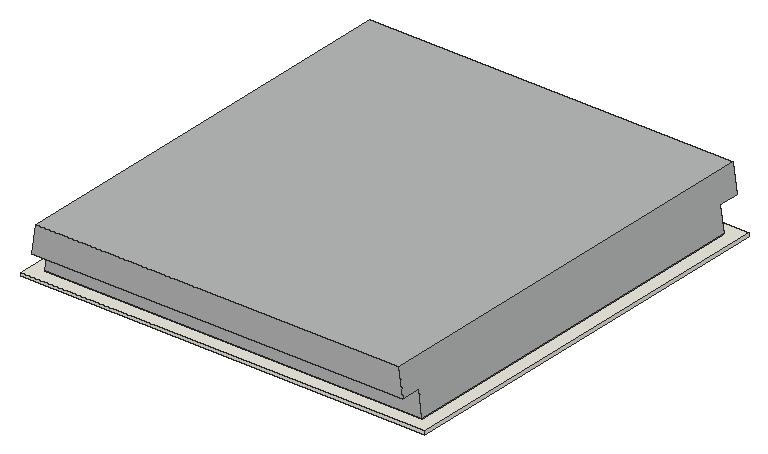
Revit family "OPERLUX", category Осветительные приборы, Revit 2019 (continued)
Types (8, lengths in mm): name | Файл фотометрической сетки | built-in parameter 1150105 | Lumens | built-in parameter 1150106 | built-in parameter 1150142 | Wattage | ADSK_Ток | ADSK_Полная мощность | ADSK_Обозначение | ADSK_Номинальная мощность | ADSK_Наименование | ADSK_Код изделия
  CSVT Operlux-34/prisma  (IP20, 4000К, грильято) | "Светильник OPERLUX-34 PRISMA-(588x588).IES" | 246.69 (stored number, unit not read) | 3100 lm | 2.4669 (stored number, unit not read) | "IESNA:LM-63-95\r\n[TEST] Протокол № 50\r\n[DATA] 17.06.2016\r\n[MORE] \r\n[MANUFAC] ЗАО \"Центрстройсвет\"\r\n[LUMCAT]  Светильник OPERLUX-34/PRISMA-(588x588) \r\n[LUMINAIRE]\r\n[LAMPCAT] Светодиоды\r\n[LAMP] Поток источника света (светодиодов) не известен\r\n[MORE] КСС приведена в абсолютных величинах кд\r\n[MORE] Вместо потока лампы, указан поток светильника.\r\nTILT=NONE\r\n1    3050 1.0 37 73 1 2 0.588 0.588 0.08\r\n1.0 1.0 34\r\n0.0 5.0 10.0 15.0 20.0 25.0 30.0 35.0 40.0 45.0 50.0 55.0 60.0 65.0 70.0 75.0 80.0 85.0 90.0 95.0 100.0 105.0 110.0 115.0 120.0 125.0 130.0 135.0 140.0 145.0 150.0 155.0 160.0 165.0 170.0 175.0 180.0\r\n0.0 5.0 10.0 15.0 20.0 25.0 30.0 35.0 40.0 45.0 50.0 55.0 60.0 65.0 70.0 75.0 80.0 85.0 90.0 95.0 100.0 105.0 110.0 115.0 120.0 125.0 130.0 135.0 140.0 145.0 150.0 155.0 160.0 165.0 170.0 175.0 180.0 185.0 190.0 195.0 200.0 205.0 210.0 215.0 220.0 225.0 230.0 235.0 240.0 245.0 250.0 255.0 260.0 265.0 270.0 275.0 280.0 285.0 290.0 295.0 300.0 305.0 310.0 315.0 320.0 325.0 330.0 335.0 340.0 345.0 350.0 355.0 360.0\r\n1367.8 1364.1 1339.9 1310.7 1251.0 1171.4 1077.9 956.5 826.9 709.2 591.4 468.7 352.2 267.2 190.7 130.0 88.6 43.5 5.5 0.0 0.0 0.0 0.0 0.0 0.0 0.0 0.0 0.0 0.0 0.0 0.0 0.0 0.0 0.0 0.0 0.0 0.0\r\n1367.8 1365.7 1344.6 1309.2 1251.5 1175.2 1073.4 954.2 830.4 711.2 594.6 469.5 356.0 268.7 191.9 132.6 89.9 43.9 6.3 0.0 0.0 0.0 0.0 0.0 0.0 0.0 0.0 0.0 0.0 0.0 0.0 0.0 0.0 0.0 0.0 0.0 0.0\r\n1367.8 1367.4 1347.2 1302.8 1251.5 1178.6 1078.4 958.6 835.1 714.0 597.2 474.3 359.6 268.7 192.7 135.6 92.1 44.3 6.9 0.0 0.0 0.0 0.0 0.0 0.0 0.0 0.0 0.0 0.0 0.0 0.0 0.0 0.0 0.0 0.0 0.0 0.0\r\n1367.8 1368.2 1346.2 1303.1 1250.1 1177.1 1081.4 960.9 838.1 716.2 597.6 475.0 358.6 266.4 190.9 134.8 91.7 44.9 7.0 0.0 0.0 0.0 0.0 0.0 0.0 0.0 0.0 0.0 0.0 0.0 0.0 0.0 0.0 0.0 0.0 0.0 0.0\r\n1367.8 1367.7 1343.5 1306.2 1256.1 1180.0 1081.0 961.6 838.1 714.0 595.7 473.1 356.8 262.2 188.3 132.8 89.3 43.7 6.6 0.0 0.0 0.0 0.0 0.0 0.0 0.0 0.0 0.0 0.0 0.0 0.0 0.0 0.0 0.0 0.0 0.0 0.0\r\n1367.8 1366.2 1344.8 1309.0 1256.2 1184.6 1080.4 962.6 836.8 714.8 593.8 469.6 354.4 260.1 184.9 130.4 88.4 44.2 6.5 0.0 0.0 0.0 0.0 0.0 0.0 0.0 0.0 0.0 0.0 0.0 0.0 0.0 0.0 0.0 0.0 0.0 0.0\r\n1367.8 1364.3 1347.6 1312.1 1259.9 1177.4 1078.5 968.2 849.1 721.6 596.0 467.2 355.0 257.4 183.3 127.1 87.5 45.4 6.5 0.0 0.0 0.0 0.0 0.0 0.0 0.0 0.0 0.0 0.0 0.0 0.0 0.0 0.0 0.0 0.0 0.0 0.0\r\n1367.8 1363.3 1348.8 1312.0 1262.8 1181.2 1077.4 968.8 853.2 730.0 597.2 466.8 353.5 256.9 181.1 124.8 87.2 45.9 6.9 0.0 0.0 0.0 0.0 0.0 0.0 0.0 0.0 0.0 0.0 0.0 0.0 0.0 0.0 0.0 0.0 0.0 0.0\r\n1367.8 1364.0 1350.3 1308.2 1255.9 1182.2 1079.9 969.0 856.0 734.3 601.1 468.4 352.6 254.4 178.0 121.7 85.5 45.0 6.9 0.0 0.0 0.0 0.0 0.0 0.0 0.0 0.0 0.0 0.0 0.0 0.0 0.0 0.0 0.0 0.0 0.0 0.0\r\n1367.8 1364.9 1349.2 1313.0 1259.2 1178.2 1076.4 970.7 860.9 740.8 606.9 469.1 350.2 254.0 175.6 117.8 83.6 43.4 6.7 0.0 0.0 0.0 0.0 0.0 0.0 0.0 0.0 0.0 0.0 0.0 0.0 0.0 0.0 0.0 0.0 0.0 0.0\r\n1367.8 1365.0 1348.6 1315.3 1261.5 1184.1 1082.6 973.9 862.8 745.2 607.9 469.0 350.5 253.1 173.2 116.2 81.4 42.4 6.5 0.0 0.0 0.0 0.0 0.0 0.0 0.0 0.0 0.0 0.0 0.0 0.0 0.0 0.0 0.0 0.0 0.0 0.0\r\n1367.8 1364.4 1347.9 1315.3 1258.7 1186.3 1085.9 970.5 862.2 747.0 613.0 468.8 350.2 252.8 173.4 116.6 79.8 40.9 6.7 0.0 0.0 0.0 0.0 0.0 0.0 0.0 0.0 0.0 0.0 0.0 0.0 0.0 0.0 0.0 0.0 0.0 0.0\r\n1367.8 1363.4 1347.0 1308.3 1258.6 1184.3 1089.8 973.9 867.7 742.3 606.2 467.0 350.0 252.6 175.4 119.1 79.8 42.1 7.1 0.0 0.0 0.0 0.0 0.0 0.0 0.0 0.0 0.0 0.0 0.0 0.0 0.0 0.0 0.0 0.0 0.0 0.0\r\n1367.8 1362.6 1348.4 1308.2 1261.4 1190.2 1088.3 978.6 869.6 744.0 601.1 462.4 350.2 253.6 175.9 123.0 83.5 45.3 7.8 0.0 0.0 0.0 0.0 0.0 0.0 0.0 0.0 0.0 0.0 0.0 0.0 0.0 0.0 0.0 0.0 0.0 0.0\r\n1367.8 1362.3 1347.3 1311.1 1262.3 1191.1 1093.6 982.5 872.1 746.6 597.2 461.1 348.8 251.4 176.3 127.6 89.2 48.5 7.9 0.0 0.0 0.0 0.0 0.0 0.0 0.0 0.0 0.0 0.0 0.0 0.0 0.0 0.0 0.0 0.0 0.0 0.0\r\n1367.8 1362.5 1345.8 1316.1 1260.6 1190.3 1096.8 982.6 873.3 743.8 593.1 456.4 347.2 250.6 175.7 130.9 94.2 51.8 9.3 0.0 0.0 0.0 0.0 0.0 0.0 0.0 0.0 0.0 0.0 0.0 0.0 0.0 0.0 0.0 0.0 0.0 0.0\r\n1367.8 1363.2 1345.2 1315.5 1267.1 1195.5 1096.1 995.9 871.3 740.3 589.0 455.0 342.8 246.9 174.2 131.9 97.1 52.4 10.1 0.0 0.0 0.0 0.0 0.0 0.0 0.0 0.0 0.0 0.0 0.0 0.0 0.0 0.0 0.0 0.0 0.0 0.0\r\n1367.8 1364.5 1346.0 1317.2 1264.0 1194.7 1102.6 991.8 873.9 736.2 584.7 454.3 338.6 243.0 171.3 130.1 99.3 53.7 9.5 0.0 0.0 0.0 0.0 0.0 0.0 0.0 0.0 0.0 0.0 0.0 0.0 0.0 0.0 0.0 0.0 0.0 0.0\r\n1367.8 1365.9 1346.4 1317.1 1264.0 1198.2 1105.3 994.6 872.6 727.7 582.0 451.8 335.8 239.9 168.3 127.6 100.0 55.8 7.5 0.0 0.0 0.0 0.0 0.0 0.0 0.0 0.0 0.0 0.0 0.0 0.0 0.0 0.0 0.0 0.0 0.0 0.0\r\n1367.8 1366.3 1344.9 1317.5 1265.6 1200.4 1108.2 997.2 868.8 722.7 575.8 446.5 333.1 238.4 167.7 126.3 98.1 56.1 8.8 0.0 0.0 0.0 0.0 0.0 0.0 0.0 0.0 0.0 0.0 0.0 0.0 0.0 0.0 0.0 0.0 0.0 0.0\r\n1367.8 1365.9 1344.0 1313.0 1263.2 1200.6 1104.3 997.0 862.7 720.9 568.5 441.0 331.7 237.8 167.7 126.3 96.7 53.7 9.4 0.0 0.0 0.0 0.0 0.0 0.0 0.0 0.0 0.0 0.0 0.0 0.0 0.0 0.0 0.0 0.0 0.0 0.0\r\n1367.8 1365.3 1346.1 1312.6 1263.0 1198.3 1108.1 995.3 861.6 712.7 563.4 437.4 331.4 236.8 165.9 124.7 95.3 55.2 9.1 0.0 0.0 0.0 0.0 0.0 0.0 0.0 0.0 0.0 0.0 0.0 0.0 0.0 0.0 0.0 0.0 0.0 0.0\r\n1367.8 1364.9 1349.2 1313.0 1262.9 1199.0 1108.3 993.8 855.7 710.3 563.1 435.2 329.9 233.9 163.4 121.6 92.0 55.1 8.8 0.0 0.0 0.0 0.0 0.0 0.0 0.0 0.0 0.0 0.0 0.0 0.0 0.0 0.0 0.0 0.0 0.0 0.0\r\n1367.8 1364.1 1352.0 1313.2 1259.2 1197.0 1104.6 988.6 849.9 704.2 562.4 433.5 327.9 230.5 158.4 116.9 87.6 51.4 7.8 0.0 0.0 0.0 0.0 0.0 0.0 0.0 0.0 0.0 0.0 0.0 0.0 0.0 0.0 0.0 0.0 0.0 0.0\r\n1367.8 1363.0 1349.6 1313.3 1257.8 1193.2 1098.7 980.1 848.0 708.1 565.6 433.4 325.1 228.0 154.2 111.3 83.7 49.7 7.5 0.0 0.0 0.0 0.0 0.0 0.0 0.0 0.0 0.0 0.0 0.0 0.0 0.0 0.0 0.0 0.0 0.0 0.0\r\n1367.8 1361.9 1346.7 1314.1 1256.8 1193.2 1093.6 977.6 847.2 708.6 569.1 434.8 324.5 225.9 151.7 107.5 81.6 48.9 7.3 0.0 0.0 0.0 0.0 0.0 0.0 0.0 0.0 0.0 0.0 0.0 0.0 0.0 0.0 0.0 0.0 0.0 0.0\r\n1367.8 1361.2 1345.0 1309.5 1261.1 1193.3 1089.9 973.2 851.1 709.3 572.7 435.0 323.4 225.4 152.1 105.8 80.4 49.9 7.3 0.0 0.0 0.0 0.0 0.0 0.0 0.0 0.0 0.0 0.0 0.0 0.0 0.0 0.0 0.0 0.0 0.0 0.0\r\n1367.8 1360.5 1345.3 1307.2 1258.6 1186.4 1085.9 974.0 847.9 714.1 575.5 436.8 321.2 223.3 152.0 105.2 79.8 49.6 8.0 0.0 0.0 0.0 0.0 0.0 0.0 0.0 0.0 0.0 0.0 0.0 0.0 0.0 0.0 0.0 0.0 0.0 0.0\r\n1367.8 1360.0 1344.3 1308.1 1257.8 1178.2 1085.3 975.1 848.7 715.2 575.4 439.1 318.7 223.0 150.8 104.3 79.3 49.5 8.2 0.0 0.0 0.0 0.0 0.0 0.0 0.0 0.0 0.0 0.0 0.0 0.0 0.0 0.0 0.0 0.0 0.0 0.0\r\n1367.8 1360.5 1346.2 1311.6 1256.3 1174.7 1082.9 978.6 851.4 710.5 574.9 440.6 317.9 221.6 152.3 106.4 79.3 48.7 8.4 0.0 0.0 0.0 0.0 0.0 0.0 0.0 0.0 0.0 0.0 0.0 0.0 0.0 0.0 0.0 0.0 0.0 0.0\r\n1367.8 1361.9 1350.3 1309.3 1252.2 1172.6 1080.3 970.8 851.2 713.3 570.6 439.7 319.0 222.4 154.5 110.7 81.7 47.4 8.1 0.0 0.0 0.0 0.0 0.0 0.0 0.0 0.0 0.0 0.0 0.0 0.0 0.0 0.0 0.0 0.0 0.0 0.0\r\n1367.8 1363.7 1348.0 1307.6 1253.5 1171.4 1087.1 971.6 851.9 710.7 569.9 438.2 323.8 226.5 159.3 115.4 83.3 45.0 7.6 0.0 0.0 0.0 0.0 0.0 0.0 0.0 0.0 0.0 0.0 0.0 0.0 0.0 0.0 0.0 0.0 0.0 0.0\r\n1367.8 1365.3 1346.4 1312.3 1251.8 1172.7 1086.5 974.6 847.7 705.0 567.7 442.4 326.6 234.0 164.3 120.1 85.8 43.9 7.4 0.0 0.0 0.0 0.0 0.0 0.0 0.0 0.0 0.0 0.0 0.0 0.0 0.0 0.0 0.0 0.0 0.0 0.0\r\n1367.8 1366.2 1347.0 1309.1 1250.4 1170.7 1085.2 978.5 846.6 705.8 567.4 441.3 331.1 236.3 167.7 122.8 88.4 45.0 8.1 0.0 0.0 0.0 0.0 0.0 0.0 0.0 0.0 0.0 0.0 0.0 0.0 0.0 0.0 0.0 0.0 0.0 0.0\r\n1367.8 1366.0 1347.9 1306.2 1240.5 1166.7 1082.2 977.2 844.2 702.8 566.8 442.7 335.1 241.3 169.7 123.7 90.0 45.9 9.2 0.0 0.0 0.0 0.0 0.0 0.0 0.0 0.0 0.0 0.0 0.0 0.0 0.0 0.0 0.0 0.0 0.0 0.0\r\n1367.8 1364.3 1346.5 1311.7 1250.6 1170.3 1080.9 980.5 844.4 703.8 569.8 446.4 334.2 240.3 169.5 121.7 87.9 46.9 9.3 0.0 0.0 0.0 0.0 0.0 0.0 0.0 0.0 0.0 0.0 0.0 0.0 0.0 0.0 0.0 0.0 0.0 0.0\r\n1367.8 1361.6 1341.0 1307.3 1249.6 1169.2 1088.8 980.5 845.1 706.2 571.7 444.8 333.0 238.4 168.9 120.7 87.1 47.8 7.8 0.0 0.0 0.0 0.0 0.0 0.0 0.0 0.0 0.0 0.0 0.0 0.0 0.0 0.0 0.0 0.0 0.0 0.0\r\n1367.8 1359.4 1337.2 1303.3 1252.4 1170.4 1080.4 978.1 841.4 701.4 566.4 444.4 333.5 241.2 169.4 122.2 88.2 47.2 9.5 0.0 0.0 0.0 0.0 0.0 0.0 0.0 0.0 0.0 0.0 0.0 0.0 0.0 0.0 0.0 0.0 0.0 0.0\r\n1367.8 1359.3 1342.6 1310.3 1242.7 1173.0 1078.8 976.3 844.8 702.0 565.3 440.7 332.8 240.9 169.9 123.5 89.5 46.1 9.1 0.0 0.0 0.0 0.0 0.0 0.0 0.0 0.0 0.0 0.0 0.0 0.0 0.0 0.0 0.0 0.0 0.0 0.0\r\n1367.8 1361.3 1345.4 1306.4 1248.2 1167.7 1080.4 980.5 846.8 703.5 567.2 443.4 333.2 240.2 168.7 123.1 88.4 46.2 8.4 0.0 0.0 0.0 0.0 0.0 0.0 0.0 0.0 0.0 0.0 0.0 0.0 0.0 0.0 0.0 0.0 0.0 0.0\r\n1367.8 1364.4 1343.1 1308.2 1251.3 1170.9 1084.2 980.8 848.5 707.7 571.1 445.6 332.7 238.1 167.5 120.7 85.6 44.6 7.7 0.0 0.0 0.0 0.0 0.0 0.0 0.0 0.0 0.0 0.0 0.0 0.0 0.0 0.0 0.0 0.0 0.0 0.0\r\n1367.8 1366.7 1342.9 1310.2 1254.3 1176.8 1087.8 981.7 853.4 711.9 574.2 446.0 329.4 232.8 162.6 116.6 83.7 45.3 8.1 0.0 0.0 0.0 0.0 0.0 0.0 0.0 0.0 0.0 0.0 0.0 0.0 0.0 0.0 0.0 0.0 0.0 0.0\r\n1367.8 1367.7 1346.5 1310.6 1258.1 1183.1 1085.5 978.6 854.1 714.2 577.9 448.7 327.1 229.4 158.3 112.1 82.0 47.9 9.0 0.0 0.0 0.0 0.0 0.0 0.0 0.0 0.0 0.0 0.0 0.0 0.0 0.0 0.0 0.0 0.0 0.0 0.0\r\n1367.8 1367.3 1348.0 1310.6 1262.6 1180.1 1086.5 982.6 856.7 719.8 579.9 448.7 324.7 226.8 155.7 107.8 80.3 50.1 9.5 0.0 0.0 0.0 0.0 0.0 0.0 0.0 0.0 0.0 0.0 0.0 0.0 0.0 0.0 0.0 0.0 0.0 0.0\r\n1367.8 1365.6 1348.6 1309.9 1259.0 1186.0 1089.0 979.4 855.0 722.2 584.2 450.5 325.6 227.6 155.8 107.2 80.5 51.4 9.6 0.0 0.0 0.0 0.0 0.0 0.0 0.0 0.0 0.0 0.0 0.0 0.0 0.0 0.0 0.0 0.0 0.0 0.0\r\n1367.8 1363.3 1347.7 1306.8 1261.1 1190.7 1095.5 982.3 860.8 723.2 585.7 446.3 327.8 230.3 158.2 109.3 81.7 51.4 9.3 0.0 0.0 0.0 0.0 0.0 0.0 0.0 0.0 0.0 0.0 0.0 0.0 0.0 0.0 0.0 0.0 0.0 0.0\r\n1367.8 1361.0 1344.4 1306.7 1264.4 1191.7 1095.0 984.8 858.7 723.1 583.6 444.8 328.4 232.3 158.6 109.9 81.8 51.7 9.0 0.0 0.0 0.0 0.0 0.0 0.0 0.0 0.0 0.0 0.0 0.0 0.0 0.0 0.0 0.0 0.0 0.0 0.0\r\n1367.8 1359.1 1344.3 1308.4 1263.8 1198.1 1102.2 989.8 861.5 721.8 582.8 444.8 331.3 233.7 158.6 111.1 83.0 50.9 8.9 0.0 0.0 0.0 0.0 0.0 0.0 0.0 0.0 0.0 0.0 0.0 0.0 0.0 0.0 0.0 0.0 0.0 0.0\r\n1367.8 1357.8 1346.5 1313.8 1263.6 1192.7 1107.0 996.3 859.5 718.8 579.1 442.9 332.1 234.9 160.7 114.1 84.6 51.0 9.2 0.0 0.0 0.0 0.0 0.0 0.0 0.0 0.0 0.0 0.0 0.0 0.0 0.0 0.0 0.0 0.0 0.0 0.0\r\n1367.8 1357.7 1347.3 1313.2 1264.3 1198.9 1108.1 998.6 864.9 718.7 573.2 441.1 332.1 237.8 164.0 118.2 87.5 52.0 9.8 0.0 0.0 0.0 0.0 0.0 0.0 0.0 0.0 0.0 0.0 0.0 0.0 0.0 0.0 0.0 0.0 0.0 0.0\r\n1367.8 1358.5 1346.9 1313.1 1266.5 1195.6 1112.2 1002.8 870.4 722.5 574.7 443.8 335.7 239.1 166.4 121.6 91.2 55.8 10.9 0.0 0.0 0.0 0.0 0.0 0.0 0.0 0.0 0.0 0.0 0.0 0.0 0.0 0.0 0.0 0.0 0.0 0.0\r\n1367.8 1359.8 1344.7 1312.9 1269.5 1203.1 1107.5 1002.6 874.5 724.4 574.3 444.8 335.5 240.3 169.6 124.4 94.2 56.9 11.6 0.0 0.0 0.0 0.0 0.0 0.0 0.0 0.0 0.0 0.0 0.0 0.0 0.0 0.0 0.0 0.0 0.0 0.0\r\n1367.8 1361.7 1344.5 1316.7 1266.1 1199.3 1111.1 1004.7 879.7 733.6 577.6 446.7 337.8 241.2 168.7 126.0 96.3 56.5 11.7 0.0 0.0 0.0 0.0 0.0 0.0 0.0 0.0 0.0 0.0 0.0 0.0 0.0 0.0 0.0 0.0 0.0 0.0\r\n1367.8 1363.9 1346.7 1316.2 1265.7 1198.1 1117.1 1006.7 882.1 737.2 586.5 450.4 338.9 242.3 167.8 125.5 98.6 58.1 10.5 0.0 0.0 0.0 0.0 0.0 0.0 0.0 0.0 0.0 0.0 0.0 0.0 0.0 0.0 0.0 0.0 0.0 0.0\r\n1367.8 1365.2 1345.4 1319.5 1265.7 1198.8 1109.1 1003.5 876.9 742.6 589.1 456.4 341.1 242.1 167.5 126.8 100.2 57.9 8.8 0.0 0.0 0.0 0.0 0.0 0.0 0.0 0.0 0.0 0.0 0.0 0.0 0.0 0.0 0.0 0.0 0.0 0.0\r\n1367.8 1365.0 1345.2 1312.9 1265.8 1199.0 1109.7 999.6 877.6 742.6 595.8 457.7 342.1 245.3 170.4 128.5 99.0 56.9 11.0 0.0 0.0 0.0 0.0 0.0 0.0 0.0 0.0 0.0 0.0 0.0 0.0 0.0 0.0 0.0 0.0 0.0 0.0\r\n1367.8 1364.1 1347.9 1311.6 1271.1 1195.3 1102.7 998.9 881.1 745.5 597.2 460.9 345.1 248.6 174.0 129.7 96.5 55.6 11.2 0.0 0.0 0.0 0.0 0.0 0.0 0.0 0.0 0.0 0.0 0.0 0.0 0.0 0.0 0.0 0.0 0.0 0.0\r\n1367.8 1363.0 1347.3 1314.0 1269.6 1192.3 1104.9 991.5 878.3 748.8 603.5 463.3 348.1 251.3 177.2 130.4 94.2 55.0 10.3 0.0 0.0 0.0 0.0 0.0 0.0 0.0 0.0 0.0 0.0 0.0 0.0 0.0 0.0 0.0 0.0 0.0 0.0\r\n1367.8 1362.4 1346.2 1314.7 1264.3 1194.7 1094.8 992.0 878.4 749.1 608.2 465.6 349.4 252.9 177.2 127.6 90.1 51.7 8.7 0.0 0.0 0.0 0.0 0.0 0.0 0.0 0.0 0.0 0.0 0.0 0.0 0.0 0.0 0.0 0.0 0.0 0.0\r\n1367.8 1362.7 1348.0 1314.5 1265.5 1196.6 1094.9 983.4 872.0 752.6 609.3 469.0 352.6 254.1 177.1 125.0 85.8 47.2 8.1 0.0 0.0 0.0 0.0 0.0 0.0 0.0 0.0 0.0 0.0 0.0 0.0 0.0 0.0 0.0 0.0 0.0 0.0\r\n1367.8 1362.9 1347.6 1317.1 1264.6 1191.1 1090.4 981.6 868.8 748.7 612.1 472.2 352.0 253.6 176.2 121.4 83.1 43.4 6.9 0.0 0.0 0.0 0.0 0.0 0.0 0.0 0.0 0.0 0.0 0.0 0.0 0.0 0.0 0.0 0.0 0.0 0.0\r\n1367.8 1362.5 1343.6 1318.7 1268.8 1192.3 1085.5 974.5 866.1 750.5 612.3 472.0 350.7 253.1 174.7 119.5 83.2 43.3 6.3 0.0 0.0 0.0 0.0 0.0 0.0 0.0 0.0 0.0 0.0 0.0 0.0 0.0 0.0 0.0 0.0 0.0 0.0\r\n1367.8 1362.1 1341.3 1317.3 1267.8 1185.0 1082.2 972.1 864.2 747.6 611.4 473.0 350.1 254.2 174.7 118.9 84.4 45.4 6.1 0.0 0.0 0.0 0.0 0.0 0.0 0.0 0.0 0.0 0.0 0.0 0.0 0.0 0.0 0.0 0.0 0.0 0.0\r\n1367.8 1362.2 1343.6 1308.9 1260.0 1189.4 1084.9 971.7 859.6 740.4 606.9 470.8 351.4 253.9 176.6 120.3 86.5 45.9 6.5 0.0 0.0 0.0 0.0 0.0 0.0 0.0 0.0 0.0 0.0 0.0 0.0 0.0 0.0 0.0 0.0 0.0 0.0\r\n1367.8 1363.0 1342.9 1314.5 1263.9 1184.9 1081.6 971.9 853.4 735.2 605.3 467.7 352.3 254.8 180.1 122.7 87.8 46.6 6.8 0.0 0.0 0.0 0.0 0.0 0.0 0.0 0.0 0.0 0.0 0.0 0.0 0.0 0.0 0.0 0.0 0.0 0.0\r\n1367.8 1364.3 1340.2 1313.1 1261.0 1182.5 1084.4 971.4 852.3 730.7 600.0 466.2 354.3 255.8 181.2 124.6 88.4 46.8 6.6 0.0 0.0 0.0 0.0 0.0 0.0 0.0 0.0 0.0 0.0 0.0 0.0 0.0 0.0 0.0 0.0 0.0 0.0\r\n1367.8 1365.9 1343.5 1308.2 1258.3 1181.3 1083.1 966.4 845.6 721.0 594.9 467.0 352.2 259.1 183.4 126.7 88.1 45.4 6.1 0.0 0.0 0.0 0.0 0.0 0.0 0.0 0.0 0.0 0.0 0.0 0.0 0.0 0.0 0.0 0.0 0.0 0.0\r\n1367.8 1366.3 1345.1 1308.7 1254.7 1177.8 1080.9 969.9 838.6 714.9 593.4 465.7 351.7 258.6 185.5 129.6 88.1 44.0 5.9 0.0 0.0 0.0 0.0 0.0 0.0 0.0 0.0 0.0 0.0 0.0 0.0 0.0 0.0 0.0 0.0 0.0 0.0\r\n1367.8 1364.5 1343.2 1306.3 1248.4 1177.3 1082.4 962.7 833.3 713.0 595.0 468.9 352.8 260.9 187.3 132.3 88.7 43.5 6.0 0.0 0.0 0.0 0.0 0.0 0.0 0.0 0.0 0.0 0.0 0.0 0.0 0.0 0.0 0.0 0.0 0.0 0.0\r\n1367.8 1362.4 1346.0 1305.7 1255.8 1170.9 1078.4 956.8 832.7 709.6 592.6 470.6 355.6 263.8 189.2 133.7 90.3 44.0 6.3 0.0 0.0 0.0 0.0 0.0 0.0 0.0 0.0 0.0 0.0 0.0 0.0 0.0 0.0 0.0 0.0 0.0 0.0\r\n1367.8 1362.0 1346.8 1311.0 1252.6 1177.3 1074.5 958.3 825.6 709.7 591.0 467.7 356.3 264.6 188.4 133.0 90.3 43.3 6.2 0.0 0.0 0.0 0.0 0.0 0.0 0.0 0.0 0.0 0.0 0.0 0.0 0.0 0.0 0.0 0.0 0.0 0.0\r\n1367.8 1363.0 1341.5 1311.3 1242.3 1175.5 1082.4 953.9 818.8 707.4 591.0 466.6 352.5 265.4 188.6 130.9 89.0 43.1 6.3 0.0 0.0 0.0 0.0 0.0 0.0 0.0 0.0 0.0 0.0 0.0 0.0 0.0 0.0 0.0 0.0 0.0 0.0\r\n1367.8 1364.1 1339.9 1310.7 1251.0 1171.4 1077.9 956.5 826.9 709.2 591.4 468.7 352.2 267.2 190.7 130.0 88.6 43.5 5.5 0.0 0.0 0.0 0.0 0.0 0.0 0.0 0.0 0.0 0.0 0.0 0.0 0.0 0.0 0.0 0.0 0.0 0.0\r\n" | 20.8695 W | 0.151229 A | 34.7826 VA | "CSVT Operlux-34/prisma  (IP20, 4000К, грильято)" | 32 W | "Встраиваемый светодиодный светильник CSVT Operlux-34/prisma  (IP20, 4000К, грильято)" | "ЦБ000006714"
